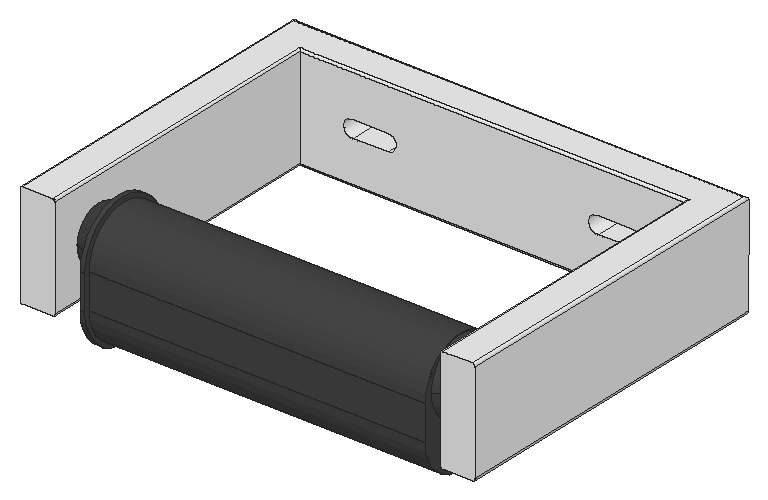
Revit family
Parameters (values of type "B-273")
  URL = "http://www.bobrick.com/"
  Revised Date = "30/08/2013"
  Product URL = "http://www.bobrick.com/washroomaccessories/Pages/ProductDetails.aspx?Product+Number=B-273"
  Phone # = "416.250.5656"
  Model = "B-273"
  Material = Cast Aluminum
  Manufacturer = "Bobrick"
  Designed By = "ATS BIM Team"
  Description = "Single-roll toilet tissue dispenser with controlled delivery."
  Assembly Code = "E2020200"
Reference planes (in)
  plane 1 "Center (Front/Back)": y = 0
  plane 2: z = 0
  plane 3 "Center (Left/Right)": x = 0
  plane 4: z = 19.75
  plane 5: y = -4.875
  plane 6: y = -4.125
  plane 7: z = 18.25
  plane 8: z = 17.78022
  plane 9: z = 19
  plane 10: x = 3.25
  plane 11: x = -3.25
  plane 12: z = 18.25
  plane 13: x = -2.75
  plane 14: x = -1.75
  plane 15: x = 1.75
Forms (in)
  Sweep 1, solid, material "Cast Aluminum" <- "Material"
    path origin (3, 0, 0) x (1, 0, 0) y (0, 1, 0)
      loop
        line (-6.25, -4.875) -> (-6.25, 0) -> (0.25, 0) -> (0.25, -4.875)
    profile origin (-3.25, -2.4375, 0) x (-1, 0, 0) y (0, 0, 1)
      loop
        line (-0.03397, 19.75) -> (-0.46603, 19.75)
        arc (-0.46603, 19.75) -> (-0.49005, 19.74005) -> (-0.5, 19.71603) r 0.03397
        line (-0.5, 19.71603) -> (-0.5, 18.28397)
        arc (-0.5, 18.28397) -> (-0.49005, 18.25995) -> (-0.46603, 18.25) r 0.03397
        line (-0.46603, 18.25) -> (-0.03397, 18.25)
        arc (-0.03397, 18.25) -> (-0.00995, 18.25995) -> (0, 18.28397) r 0.03397
        line (0, 18.28397) -> (0, 19.71603)
        arc (0, 19.71603) -> (-0.00995, 19.74005) -> (-0.03397, 19.75) r 0.03397
  Extrusion 2, solid, material "ABS Plastic"
    sketch origin (3, 0, 0) x (0, 1, 0) y (0, 0, 1)
      loop
        line (-4.75, 18.90522) -> (-4.75, 18.40522)
        arc (-4.75, 18.40522) -> (-4.125, 17.78022) -> (-3.5, 18.40522) r 0.625
        line (-3.5, 18.40522) -> (-3.5, 18.90522)
        arc (-3.5, 18.90522) -> (-4.125, 19.53022) -> (-4.75, 18.90522) r 0.625
    from -5.37543 to -0.56207
  Blend 3, solid, material "ABS Plastic"
    base sketch origin (3, 0, 0) x (0, 1, 0) y (0, 0, 1)
      loop
        circle (-4.125, 19) r 0.375
    top sketch origin (3, 0, 0) x (0, 1, 0) y (0, 0, 1)
      loop
        circle (-4.125, 19) r 0.53022
    from -5.75 to -5.43793
  Extrusion 4, solid, material "ABS Plastic"
    sketch origin (3, 0, 0) x (0, 1, 0) y (0, 0, 1)
      loop
        arc (-3.4375, 18.90522) -> (-4.125, 19.59272) -> (-4.8125, 18.90522) r 0.6875
        line (-4.8125, 18.90522) -> (-4.8125, 18.40522)
        arc (-4.8125, 18.40522) -> (-4.125, 17.71772) -> (-3.4375, 18.40522) r 0.6875
        line (-3.4375, 18.40522) -> (-3.4375, 18.90522)
    from -5.44183 to -5.37543
  Blend 5, solid, material "ABS Plastic"
    base sketch origin (-3, 0, 0) x (0, 1, 0) y (0, 0, -1)
      loop
        circle (-4.125, -19) r 0.375
    top sketch origin (-3, 0, 0) x (0, 1, 0) y (0, 0, -1)
      loop
        circle (-4.125, -19) r 0.53022
    from -5.75 to -5.43793
  Extrusion 6, void
    sketch origin (3, 0, 0) x (1, 0, 0) y (0, 0, 1)
      loop
        arc (-5, 19.125) -> (-5.125, 19) -> (-5, 18.875) r 0.125
        line (-5, 18.875) -> (-4.5, 18.875)
        arc (-4.5, 18.875) -> (-4.375, 19) -> (-4.5, 19.125) r 0.125
        line (-4.5, 19.125) -> (-5, 19.125)
      loop
        arc (-1.5, 19.125) -> (-1.625, 19) -> (-1.5, 18.875) r 0.125
        line (-1.5, 18.875) -> (-1, 18.875)
        arc (-1, 18.875) -> (-0.875, 19) -> (-1, 19.125) r 0.125
        line (-1, 19.125) -> (-1.5, 19.125)
    from -2.03856 to 2.77674
Cuts and joins
  Extrusion 6 cuts Sweep 1
Dimensions and locks (in)
  plane 4 to plane 7 = 0' - 1 1/2"
  plane 4 to plane 9 = 0' - 0 3/4"
  plane 4 to level = 1' - 7 3/4"
  plane 5 to plane 1 "Center (Front/Back)" = 0' - 4 7/8"  (x2)
  plane 11 to plane 10 = 0' - 6 1/2"  (x2)
  plane 14 to plane 15 = 0' - 3 1/2"
  plane 1 "Center (Front/Back)" to plane 6 = 0' - 4 1/8"
